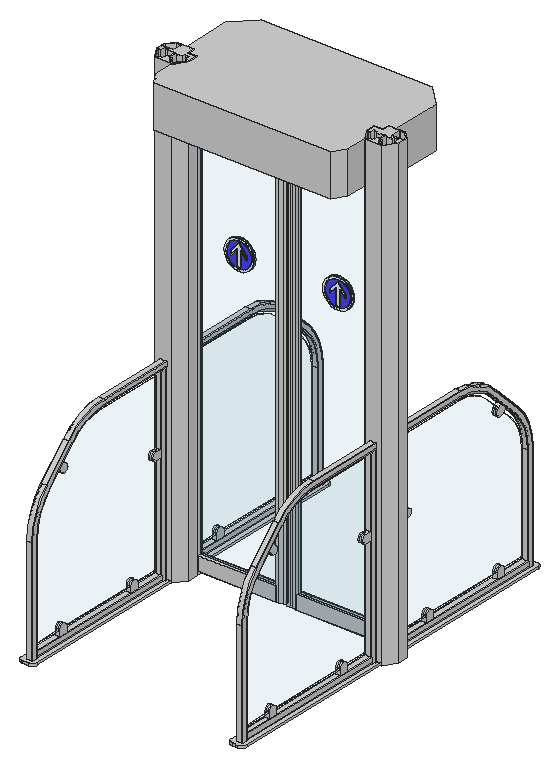
Revit family "ASSA_ABLOY_EL_Single", category Doors, Revit 2020 (continued)
Lines and regions (mm)
  symbolic lines, detail levels fine
    curve 49: line (469.9, -44, 0) -> (492.65, -44, 0)
    curve 50: line (469.9, -65.303, 0) -> (469.9, -44, 0)
    curve 51: line (452.3, -65.303, 0) -> (469.9, -65.303, 0)
    curve 52: line (452.3, -67.057, 0) -> (452.3, -65.303, 0)
    curve 53: line (486.52, -121.863, 0) -> (452.3, -67.057, 0)
    curve 54: line (534.65, -90.06, 0) -> (534.65, -53.5, 0)
    curve 55: line (543.15, -90.06, 0) -> (534.65, -90.06, 0)
    curve 56: line (543.15, -103.76, 0) -> (543.15, -90.06, 0)
    curve 57: line (550.15, -103.76, 0) -> (543.15, -103.76, 0)
    curve 58: line (550.15, -113.76, 0) -> (550.15, -103.76, 0)
    curve 59: line (560.85, -113.76, 0) -> (550.15, -113.76, 0)
    curve 60: line (577.78, -121.863, 0) -> (560.85, -121.863, 0)
    curve 61: line (612, -67.057, 0) -> (577.78, -121.863, 0)
    curve 62: line (612, -65.303, 0) -> (612, -67.057, 0)
    curve 63: line (594.6, -65.303, 0) -> (612, -65.303, 0)
    curve 64: line (594.6, -44, 0) -> (594.6, -65.303, 0)
    curve 65: line (571.65, -44, 0) -> (594.6, -44, 0)
    curve 66: line (571.65, -53.5, 0) -> (571.65, -44, 0)
    curve 67: line (534.65, -53.5, 0) -> (571.65, -53.5, 0)
    curve 68: line (612, -39, 0) -> (552.6, -39, 0)
    curve 69: line (612, -21.326, 0) -> (612, -39, 0)
    curve 70: line (579.934, 10.74, 0) -> (612, -21.326, 0)
    curve 71: line (556, 10.74, 0) -> (579.934, 10.74, 0)
    curve 72: line (556, 7.95, 0) -> (556, 10.74, 0)
    curve 73: line (552.6, 7.95, 0) -> (556, 7.95, 0)
    curve 74: line (552.6, -39, 0) -> (552.6, 7.95, 0)
    curve 75: line (560.85, -121.863, 0) -> (560.85, -113.76, 0)
    curve 76: line (492.65, -44, 0) -> (492.65, -53.5, 0)
  reference lines
    curve 38: line (-536.4, 0, 0) -> (-536.4, 17.45, 0)
    curve 39: line (536.4, 0, 0) -> (536.4, 17.24, 0)
  symbolic lines, detail levels medium+fine
    curve 77: line (-520.358, -978.395, 0) -> (-544.441, -978.395, 0)
    curve 78: line (-547.441, -128.76, 0) -> (-547.441, -975.394, 0)
    curve 79: line (-517.358, -975.396, 0) -> (-517.358, -128.76, 0)
    curve 80: arc (-517.4, -975.396, 0) -> (-518.264, -977.502, 0) -> (-520.358, -978.395, 0) r 2.999
    curve 81: arc (-544.441, -978.395, 0) -> (-546.536, -977.501, 0) -> (-547.4, -975.394, 0) r 3.001
    curve 92: line (517.358, -128.76, 0) -> (517.358, -975.396, 0)
    curve 93: line (547.441, -975.394, 0) -> (547.441, -128.76, 0)
    curve 94: line (544.441, -978.395, 0) -> (520.358, -978.395, 0)
    curve 95: arc (520.358, -978.395, 0) -> (518.264, -977.502, 0) -> (517.4, -975.396, 0) r 2.999
    curve 96: arc (547.4, -975.394, 0) -> (546.536, -977.501, 0) -> (544.441, -978.395, 0) r 3.001
  symbolic lines, visible <- "LargeRailing", detail levels medium+fine
    curve 82: line (-547.441, 1214.801, 0) -> (-547.441, 17.45, 0)
    curve 83: line (-517.358, 17.45, 0) -> (-517.358, 1214.803, 0)
    curve 84: line (-544.441, 1217.802, 0) -> (-520.358, 1217.802, 0)
    curve 85: arc (-520.358, 1217.802, 0) -> (-518.264, 1216.91, 0) -> (-517.4, 1214.803, 0) r 2.999
    curve 86: arc (-547.4, 1214.801, 0) -> (-546.536, 1216.909, 0) -> (-544.441, 1217.802, 0) r 3.001
    curve 97: line (517.358, 1214.803, 0) -> (517.358, 17.45, 0)
    curve 98: line (547.441, 17.45, 0) -> (547.441, 1214.801, 0)
    curve 99: line (520.358, 1217.802, 0) -> (544.441, 1217.802, 0)
    curve 100: arc (517.4, 1214.803, 0) -> (518.264, 1216.91, 0) -> (520.358, 1217.802, 0) r 2.999
    curve 101: arc (544.441, 1217.802, 0) -> (546.536, 1216.909, 0) -> (547.4, 1214.801, 0) r 3.001
  symbolic lines, visible <- "ShortRailing", detail levels medium+fine
    curve 87: line (-544.441, 867.085, 0) -> (-520.358, 867.085, 0)
    curve 88: arc (-547.4, 864.084, 0) -> (-546.536, 866.191, 0) -> (-544.441, 867.085, 0) r 3.001
    curve 89: arc (-520.358, 867.085, 0) -> (-518.264, 866.192, 0) -> (-517.4, 864.086, 0) r 2.999
    curve 90: line (-517.358, 17.45, 0) -> (-517.358, 864.086, 0)
    curve 91: line (-547.441, 864.084, 0) -> (-547.441, 17.45, 0)
    curve 102: line (520.358, 867.085, 0) -> (544.441, 867.085, 0)
    curve 103: arc (544.441, 867.085, 0) -> (546.536, 866.191, 0) -> (547.4, 864.084, 0) r 3.001
    curve 104: arc (517.4, 864.086, 0) -> (518.264, 866.192, 0) -> (520.358, 867.085, 0) r 2.999
    curve 105: line (517.358, 864.086, 0) -> (517.358, 17.45, 0)
    curve 106: line (547.441, 17.45, 0) -> (547.441, 864.084, 0)
Dimensions and locks
  "PassageHeight": plane 5 "PH" to plane 2
  "CanopyHeight": plane 4 "Top" to plane 5 "PH"
  equal spacing: plane 6, plane 3 "Center (Left/Right)", plane 7
  "PassageWidth": plane 6 to plane 7
  locked: plane 7 to plane 8 at 23.1
  locked: plane 9 to plane 6 at 23.1
  plane 10 "Right" to plane 11 = 8.00 mm
  locked: plane 1 "Entry" to plane 14 at 9.35
  locked: plane 14 to plane 15 at 8.1
  locked: plane 5 "PH" to plane 17 at 19.1
  locked: plane 13 to plane 12 "Left" at 8
  locked: plane 12 "Left" to plane 9 at 55.3
  locked: plane 8 to plane 10 "Right" at 55.3
  locked: Extrusion 48 sketch curve to plane 5 "PH" at 51.33
  locked: Extrusion 48 sketch curve to plane 5 "PH" at 38.08
  plane 5 "PH" to Extrusion 48 sketch curve = 64.58 mm
  aligned and locked: level to plane 2
  aligned and locked: Sweep 1 sketch curve to plane 7
  aligned and locked: plane 1 "Entry" to nested 1
  aligned and locked: plane 9 to nested 1
  aligned and locked: plane 8 to nested 2
  aligned and locked: nested 2 to plane 1 "Entry"
  aligned and locked: Masking region 1 sketch curve to Sweep 2  (x9)
  aligned and locked: curve 1 to Sweep 2
  aligned and locked: curve 2 to Sweep 2
  aligned and locked: curve 3 to Sweep 2
  aligned and locked: curve 4 to Sweep 2
  aligned and locked: curve 5 to Sweep 2
  aligned and locked: curve 6 to Sweep 2
  aligned and locked: curve 7 to Sweep 2
  aligned and locked: curve 8 to Sweep 2
  aligned and locked: curve 9 to Sweep 2
  aligned and locked: curve 10 to Sweep 2
  aligned and locked: curve 11 to Sweep 2
  aligned and locked: curve 12 to Sweep 2
  aligned and locked: curve 13 to Sweep 2
  aligned and locked: curve 14 to Sweep 2
  aligned and locked: curve 15 to Sweep 2
  aligned and locked: curve 16 to Sweep 2
  aligned and locked: curve 17 to Sweep 2
  aligned and locked: curve 18 to Sweep 2
  aligned and locked: curve 19 to Sweep 2
  aligned and locked: curve 20 to Sweep 2
  aligned and locked: curve 21 to Sweep 2
  aligned and locked: curve 22 to Sweep 2
  aligned and locked: curve 23 to Sweep 2
  aligned and locked: curve 24 to Sweep 2
  aligned and locked: curve 25 to Sweep 2
  aligned and locked: curve 26 to Sweep 2
  aligned and locked: curve 27 to Sweep 2
  aligned and locked: curve 28 to Sweep 2
  aligned and locked: curve 29 to Sweep 2
  aligned and locked: curve 30 to Sweep 2
  aligned and locked: curve 31 to Sweep 2
  aligned and locked: curve 32 to Sweep 2
  aligned and locked: curve 33 to Sweep 2
  aligned and locked: curve 34 to Sweep 2
  aligned and locked: curve 35 to Sweep 2
  aligned and locked: curve 36 to Sweep 2
  aligned and locked: curve 37 to Sweep 2
  aligned and locked: curve 39 to plane 11
  aligned and locked: Extrusion 6 sketch curve to Sweep 1  (x2)
  aligned and locked: Extrusion 6 sketch curve to Sweep 2  (x2)
  aligned and locked: Masking region 2 sketch curve to Sweep 1  (x9)
  aligned and locked: curve 40 to Sweep 1
  aligned and locked: curve 41 to Sweep 1
  aligned and locked: curve 42 to Sweep 1
  aligned and locked: curve 43 to Sweep 1
  aligned and locked: curve 44 to Sweep 1
  aligned and locked: curve 45 to Sweep 1
  aligned and locked: curve 46 to Sweep 1
  aligned and locked: curve 47 to Sweep 1
  aligned and locked: Sweep 1 to curve 48
  aligned and locked: curve 49 to Sweep 1
  aligned and locked: curve 50 to Sweep 1
  aligned and locked: curve 51 to Sweep 1
  aligned and locked: curve 52 to Sweep 1
  aligned and locked: curve 53 to Sweep 1
  aligned and locked: curve 54 to Sweep 1
  aligned and locked: curve 55 to Sweep 1
  aligned and locked: curve 56 to Sweep 1
  aligned and locked: curve 57 to Sweep 1
  aligned and locked: curve 58 to Sweep 1
  aligned and locked: curve 59 to Sweep 1
  aligned and locked: curve 60 to Sweep 1
  aligned and locked: curve 61 to Sweep 1
  aligned and locked: curve 62 to Sweep 1
  aligned and locked: curve 63 to Sweep 1
  aligned and locked: curve 64 to Sweep 1
  aligned and locked: curve 65 to Sweep 1
  aligned and locked: curve 66 to Sweep 1
  aligned and locked: curve 67 to Sweep 1
  aligned and locked: curve 68 to Sweep 1
  aligned and locked: curve 69 to Sweep 1
  aligned and locked: curve 70 to Sweep 1
  aligned and locked: curve 71 to Sweep 1
  aligned and locked: curve 72 to Sweep 1
  aligned and locked: curve 73 to Sweep 1
  aligned and locked: curve 74 to Sweep 1
  aligned and locked: curve 75 to Sweep 1
  aligned and locked: curve 76 to Sweep 1
  aligned and locked: Extrusion 10 sketch curve to plane 15
  aligned and locked: Extrusion 13 to plane 11
  aligned and locked: plane 15 to Sweep 8 sketch curve
  aligned and locked: Extrusion 15 to plane 11
  aligned and locked: Extrusion 16 to plane 11
  aligned and locked: plane 3 "Center (Left/Right)" to nested 3
  aligned and locked: plane 1 "Entry" to nested 3
  aligned and locked: Masking region 3 sketch curve to Extrusion 23  (x3)
  aligned and locked: Sweep 2 to Masking region 3 sketch curve
  aligned and locked: Masking region 4 sketch curve to Extrusion 42  (x3)
  aligned and locked: Masking region 4 sketch curve to Sweep 2
  aligned and locked: Masking region 5 sketch curve to Extrusion 24  (x3)
  aligned and locked: Masking region 5 sketch curve to Sweep 2
  aligned and locked: curve 77 to Extrusion 23
  aligned and locked: curve 78 to Extrusion 32
  aligned and locked: curve 79 to Extrusion 32
  aligned and locked: curve 80 to Extrusion 23
  aligned and locked: curve 81 to Extrusion 23
  aligned and locked: curve 82 to Extrusion 25
  aligned and locked: curve 83 to Extrusion 25
  aligned and locked: curve 84 to Extrusion 24
  aligned and locked: curve 85 to Extrusion 24
  aligned and locked: curve 86 to Extrusion 24
  aligned and locked: curve 87 to Extrusion 42
  aligned and locked: curve 88 to Extrusion 42
  aligned and locked: curve 89 to Extrusion 42
  aligned and locked: curve 90 to Extrusion 45
  aligned and locked: curve 91 to Extrusion 45
  aligned and locked: Masking region 6 sketch curve to Extrusion 9  (x3)
  aligned and locked: Sweep 1 to Masking region 6 sketch curve
  aligned and locked: curve 92 to Extrusion 18
  aligned and locked: curve 93 to Extrusion 18
  aligned and locked: curve 94 to Extrusion 9
  aligned and locked: curve 95 to Extrusion 9
  aligned and locked: curve 96 to Extrusion 9
  aligned and locked: Masking region 7 sketch curve to Extrusion 36  (x3)
  aligned and locked: Sweep 1 to Masking region 7 sketch curve
  aligned and locked: Masking region 8 sketch curve to Extrusion 10  (x3)
  aligned and locked: Sweep 1 to Masking region 8 sketch curve
  aligned and locked: curve 97 to Extrusion 11
  aligned and locked: curve 98 to Extrusion 11
  aligned and locked: curve 99 to Extrusion 10
  aligned and locked: curve 100 to Extrusion 10
  aligned and locked: curve 101 to Extrusion 10
  aligned and locked: curve 102 to Extrusion 36
  aligned and locked: curve 103 to Extrusion 36
  aligned and locked: curve 104 to Extrusion 36
  aligned and locked: curve 105 to Extrusion 39
  aligned and locked: curve 106 to Extrusion 39
  aligned and locked: Extrusion 3 sketch curve to cut or joined group of Extrusion 3, Extrusion 4, Extrusion 5, Extrusion 6  (x19)
  aligned and locked: cut or joined group of Extrusion 3, Extrusion 4, Extrusion 5, Extrusion 6 to Extrusion 3 sketch curve
  aligned and locked: plane 5 "PH" to Extrusion 47 sketch curve
Automatic sketch dimensions
  plane 1 "Entry" to curve 38 = 0.00 mm
  curve 38 to plane 13 = 0.00 mm  (x2)
  plane 15 to curve 38 = 0.00 mm
  plane 1 "Entry" to curve 39 = 0.00 mm
  curve 39 to curve 39 = 14.122 mm
  Sweep 1 sketch curve to level = 0.00 mm
  Sweep 1 sketch curve to plane 4 "Top" = 0.00 mm
  Sweep 1 sketch curve to profile plane = 0.00 mm
  profile plane to Sweep 1 sketch curve = 2.30 mm
  profile plane to Sweep 1 sketch curve = 19.90 mm
  profile plane to Sweep 1 sketch curve = 36.52 mm
  Sweep 1 sketch curve to Sweep 1 sketch curve = 0.946 mm
  Sweep 1 sketch curve to Sweep 1 sketch curve = 22.75 mm
  Sweep 1 sketch curve to Sweep 1 sketch curve = 0.646 mm
  Sweep 1 sketch curve to Sweep 1 sketch curve = 16.93 mm
  Sweep 1 sketch curve to Sweep 1 sketch curve = 10.70 mm  (x2)
  Sweep 1 sketch curve to Sweep 1 sketch curve = 7.00 mm  (x2)
  Sweep 1 sketch curve to Sweep 1 sketch curve = 37.00 mm
  Sweep 1 sketch curve to Sweep 1 sketch curve = 5.00 mm  (x2)
  Sweep 1 sketch curve to Sweep 1 sketch curve = 8.50 mm
  Sweep 1 sketch curve to Sweep 1 sketch curve = 17.95 mm
  Sweep 1 sketch curve to Sweep 1 sketch curve = 3.40 mm
  Sweep 1 sketch curve to Sweep 1 sketch curve = 19.05 mm
  Sweep 1 sketch curve to Sweep 1 sketch curve = 20.752 mm
  Sweep 1 sketch curve to Sweep 1 sketch curve = 16.185 mm
  Sweep 1 sketch curve to Sweep 1 sketch curve = 0.746 mm
  Sweep 1 sketch curve to Sweep 1 sketch curve = 3.182 mm
  Sweep 1 sketch curve to Sweep 1 sketch curve = 22.95 mm
  plane 1 "Entry" to Sweep 1 sketch curve = 21.326 mm
  Sweep 1 sketch curve to Sweep 1 sketch curve = 17.40 mm  (x2)
  plane 1 "Entry" to Sweep 1 sketch curve = 20.298 mm
  Sweep 1 sketch curve to Sweep 1 sketch curve = 2.50 mm
  plane 1 "Entry" to Sweep 1 sketch curve = 20.296 mm
  Sweep 1 sketch curve to plane 1 "Entry" = 7.95 mm
  Sweep 1 sketch curve to Sweep 1 sketch curve = 2.79 mm
  Sweep 1 sketch curve to Sweep 1 sketch curve = 6.71 mm
  plane 1 "Entry" to Sweep 1 sketch curve = 39.00 mm
  Sweep 1 sketch curve to Sweep 1 sketch curve = 23.704 mm
  Sweep 1 sketch curve to Sweep 1 sketch curve = 14.50 mm
  Sweep 1 sketch curve to Sweep 1 sketch curve = 0.00 mm  (x2)
  Sweep 1 sketch curve to Sweep 1 sketch curve = 21.303 mm  (x2)
  Sweep 1 sketch curve to Sweep 1 sketch curve = 1.754 mm  (x2)
  Sweep 1 sketch curve to Sweep 1 sketch curve = 1.746 mm  (x2)
  Sweep 1 sketch curve to Sweep 1 sketch curve = 36.56 mm
  Sweep 1 sketch curve to Sweep 1 sketch curve = 13.70 mm  (x2)
  Sweep 1 sketch curve to Sweep 1 sketch curve = 10.00 mm  (x2)
  Sweep 1 sketch curve to Sweep 1 sketch curve = 8.103 mm  (x2)
  Sweep 1 sketch curve to Sweep 1 sketch curve = 6.897 mm
  Sweep 2 sketch curve to plane 4 "Top" = 0.00 mm
  plane 6 to Sweep 2 sketch curve = 0.00 mm
  Sweep 2 sketch curve to level = 0.00 mm
  Sweep 2 sketch curve to profile plane = 0.00 mm
  Sweep 2 sketch curve to profile plane = 2.30 mm
  Sweep 2 sketch curve to Sweep 2 sketch curve = 17.60 mm
  Sweep 2 sketch curve to profile plane = 36.52 mm
  Sweep 2 sketch curve to Sweep 2 sketch curve = 0.946 mm
  Sweep 2 sketch curve to Sweep 2 sketch curve = 22.75 mm
  Sweep 2 sketch curve to Sweep 2 sketch curve = 0.646 mm
  Sweep 2 sketch curve to Sweep 2 sketch curve = 16.93 mm
  Sweep 2 sketch curve to Sweep 2 sketch curve = 10.70 mm  (x2)
  Sweep 2 sketch curve to Sweep 2 sketch curve = 7.00 mm  (x2)
  Sweep 2 sketch curve to Sweep 2 sketch curve = 37.00 mm
  Sweep 2 sketch curve to Sweep 2 sketch curve = 5.00 mm  (x2)
  Sweep 2 sketch curve to Sweep 2 sketch curve = 8.50 mm
  Sweep 2 sketch curve to plane 1 "Entry" = 7.95 mm
  Sweep 2 sketch curve to Sweep 2 sketch curve = 59.304 mm
  Sweep 2 sketch curve to Sweep 2 sketch curve = 3.40 mm
  Sweep 2 sketch curve to Sweep 2 sketch curve = 19.05 mm
  Sweep 2 sketch curve to Sweep 2 sketch curve = 20.752 mm
  Sweep 2 sketch curve to Sweep 2 sketch curve = 16.185 mm
  Sweep 2 sketch curve to Sweep 2 sketch curve = 0.746 mm
  Sweep 2 sketch curve to Sweep 2 sketch curve = 3.182 mm
  Sweep 2 sketch curve to Sweep 2 sketch curve = 22.95 mm
  Sweep 2 sketch curve to Sweep 2 sketch curve = 17.40 mm  (x2)
  plane 1 "Entry" to Sweep 2 sketch curve = 68.803 mm
  Sweep 2 sketch curve to Sweep 2 sketch curve = 2.50 mm
  Sweep 2 sketch curve to Sweep 2 sketch curve = 2.79 mm
  Sweep 2 sketch curve to Sweep 2 sketch curve = 6.71 mm
  plane 1 "Entry" to Sweep 2 sketch curve = 20.296 mm
  plane 1 "Entry" to Sweep 2 sketch curve = 20.298 mm
  Sweep 2 sketch curve to Sweep 2 sketch curve = 1.028 mm
  plane 1 "Entry" to Sweep 2 sketch curve = 39.00 mm
  Sweep 2 sketch curve to Sweep 2 sketch curve = 23.704 mm
  Sweep 2 sketch curve to Sweep 2 sketch curve = 14.50 mm
  Sweep 2 sketch curve to Sweep 2 sketch curve = 0.00 mm  (x2)
  Sweep 2 sketch curve to Sweep 2 sketch curve = 21.303 mm
  Sweep 2 sketch curve to Sweep 2 sketch curve = 3.50 mm
  Sweep 2 sketch curve to Sweep 2 sketch curve = 1.754 mm  (x2)
  Sweep 2 sketch curve to Sweep 2 sketch curve = 1.746 mm
  Sweep 2 sketch curve to Sweep 2 sketch curve = 36.56 mm
  Sweep 2 sketch curve to Sweep 2 sketch curve = 13.70 mm  (x2)
  Sweep 2 sketch curve to Sweep 2 sketch curve = 10.00 mm  (x2)
  Sweep 2 sketch curve to Sweep 2 sketch curve = 8.103 mm  (x2)
  Sweep 2 sketch curve to Sweep 2 sketch curve = 6.897 mm
  Extrusion 6 sketch curve to plane 7 = 0.00 mm
  Extrusion 6 sketch curve to plane 6 = 0.00 mm
  plane 15 to Extrusion 6 sketch curve = 0.00 mm  (x2)
  Extrusion 6 sketch curve to plane 8 = 15.00 mm
  plane 7 to Extrusion 6 sketch curve = 1.542 mm
  Extrusion 6 sketch curve to plane 6 = 2.149 mm
  Extrusion 6 sketch curve to plane 9 = 14.65 mm
  Extrusion 6 sketch curve to Extrusion 6 sketch curve = 48.507 mm  (x2)
  Extrusion 6 sketch curve to Extrusion 6 sketch curve = 60.413 mm
  Extrusion 6 sketch curve to Extrusion 6 sketch curve = 60.973 mm
  Extrusion 6 sketch curve to Extrusion 6 sketch curve = 101.834 mm
  Extrusion 6 sketch curve to Extrusion 6 sketch curve = 101.982 mm
  Extrusion 6 sketch curve to Extrusion 6 sketch curve = 63.852 mm
  Sweep 7 sketch curve to level = 0.00 mm
  plane 1 "Entry" to Sweep 7 sketch curve = 128.76 mm
  Sweep 7 sketch curve to Sweep 7 sketch curve = 393.213 mm
  Sweep 7 sketch curve to Sweep 7 sketch curve = 141.421 mm  (x4)
  Sweep 7 sketch curve to Sweep 7 sketch curve = 222.739 mm
  Sweep 7 sketch curve to Sweep 7 sketch curve = 92.261 mm
  plane 16 to Sweep 7 sketch curve = 472.679 mm
  Sweep 7 sketch curve to profile plane = 0.00 mm
  profile plane to Sweep 7 sketch curve = 2.999 mm
  profile plane to Sweep 7 sketch curve = 3.001 mm
  plane 10 "Right" to Sweep 7 sketch curve = 11.00 mm
  Sweep 7 sketch curve to Sweep 7 sketch curve = 23.999 mm
  Sweep 7 sketch curve to Sweep 7 sketch curve = 24.00 mm
  Sweep 7 sketch curve to Sweep 7 sketch curve = 3.00 mm
  Sweep 7 sketch curve to Sweep 7 sketch curve = 2.999 mm  (x2)
  Sweep 7 sketch curve to plane 10 "Right" = 15.998 mm
  Sweep 7 sketch curve to plane 10 "Right" = 16.001 mm
  Sweep 7 sketch curve to Sweep 7 sketch curve = 0.042 mm
  Sweep 7 sketch curve to Sweep 7 sketch curve = 0.00 mm
  Sweep 8 sketch curve to level = 0.00 mm
  plane 15 to Sweep 8 sketch curve = 743.929 mm
  Sweep 8 sketch curve to Sweep 8 sketch curve = 141.423 mm  (x4)
  Sweep 8 sketch curve to Sweep 8 sketch curve = 222.739 mm
  Sweep 8 sketch curve to plane 16 = 695.416 mm
  Sweep 8 sketch curve to Sweep 8 sketch curve = 315.00 mm
  Sweep 8 sketch curve to profile plane = 0.00 mm
  Sweep 8 sketch curve to profile plane = 2.999 mm
  Sweep 8 sketch curve to profile plane = 3.001 mm
  plane 10 "Right" to Sweep 8 sketch curve = 11.00 mm
  Sweep 8 sketch curve to Sweep 8 sketch curve = 23.999 mm
  Sweep 8 sketch curve to Sweep 8 sketch curve = 24.00 mm
  Sweep 8 sketch curve to Sweep 8 sketch curve = 3.00 mm
  Sweep 8 sketch curve to Sweep 8 sketch curve = 2.999 mm  (x2)
  Sweep 8 sketch curve to plane 10 "Right" = 15.998 mm
  Sweep 8 sketch curve to plane 10 "Right" = 16.001 mm
  Sweep 8 sketch curve to Sweep 8 sketch curve = 0.042 mm
  Sweep 8 sketch curve to Sweep 8 sketch curve = 0.00 mm
  Extrusion 9 sketch curve to plane 8 = 19.299 mm
  plane 10 "Right" to Extrusion 9 sketch curve = 11.001 mm
  plane 10 "Right" to Extrusion 9 sketch curve = 11.00 mm
  plane 10 "Right" to Extrusion 9 sketch curve = 10.959 mm
  Extrusion 9 sketch curve to Extrusion 9 sketch curve = 2.959 mm
  Extrusion 9 sketch curve to Extrusion 9 sketch curve = 0.041 mm
  Extrusion 9 sketch curve to Extrusion 9 sketch curve = 3.00 mm  (x5)
  Extrusion 9 sketch curve to Extrusion 9 sketch curve = 0.00 mm  (x4)
  Extrusion 9 sketch curve to Extrusion 9 sketch curve = 2.993 mm
  Extrusion 9 sketch curve to Extrusion 9 sketch curve = 0.007 mm  (x2)
  Extrusion 9 sketch curve to plane 11 = 7.998 mm
  Extrusion 9 sketch curve to plane 11 = 8.001 mm
  Extrusion 9 sketch curve to plane 11 = 8.041 mm  (x2)
  Extrusion 9 sketch curve to Extrusion 9 sketch curve = 0.042 mm
  Extrusion 9 sketch curve to Extrusion 9 sketch curve = 0.05 mm
  Extrusion 9 sketch curve to plane 11 = 10.999 mm
  Extrusion 9 sketch curve to Extrusion 9 sketch curve = 2.999 mm
  Extrusion 9 sketch curve to Extrusion 9 sketch curve = 25.00 mm
  plane 1 "Entry" to Extrusion 9 sketch curve = 1003.395 mm
  Extrusion 9 sketch curve to Extrusion 9 sketch curve = 23.999 mm
  Extrusion 9 sketch curve to Extrusion 9 sketch curve = 24.00 mm  (x3)
  plane 1 "Entry" to Extrusion 9 sketch curve = 158.76 mm
  plane 15 to Extrusion 10 sketch curve = 0.00 mm  (x3)
  plane 8 to Extrusion 10 sketch curve = 19.299 mm
  Extrusion 10 sketch curve to plane 10 "Right" = 11.001 mm
  Extrusion 10 sketch curve to plane 10 "Right" = 11.00 mm
  Extrusion 10 sketch curve to plane 10 "Right" = 10.959 mm
  Extrusion 10 sketch curve to Extrusion 10 sketch curve = 2.959 mm  (x2)
  Extrusion 10 sketch curve to Extrusion 10 sketch curve = 0.041 mm
  Extrusion 10 sketch curve to Extrusion 10 sketch curve = 3.00 mm  (x3)
  Extrusion 10 sketch curve to Extrusion 10 sketch curve = 0.00 mm  (x3)
  Extrusion 10 sketch curve to Extrusion 10 sketch curve = 2.993 mm
  Extrusion 10 sketch curve to Extrusion 10 sketch curve = 0.007 mm  (x2)
  plane 11 to Extrusion 10 sketch curve = 7.998 mm
  plane 11 to Extrusion 10 sketch curve = 8.001 mm
  plane 15 to Extrusion 10 sketch curve = 3.00 mm
  plane 11 to Extrusion 10 sketch curve = 8.041 mm
  Extrusion 10 sketch curve to Extrusion 10 sketch curve = 0.042 mm
  Extrusion 10 sketch curve to Extrusion 10 sketch curve = 0.05 mm
  Extrusion 10 sketch curve to Extrusion 10 sketch curve = 0.001 mm
  Extrusion 10 sketch curve to Extrusion 10 sketch curve = 25.00 mm
  Extrusion 10 sketch curve to Extrusion 10 sketch curve = 24.00 mm  (x2)
  Extrusion 10 sketch curve to Extrusion 10 sketch curve = 1140.352 mm
  Extrusion 10 sketch curve to Extrusion 10 sketch curve = 0.002 mm
  Extrusion 10 sketch curve to Extrusion 10 sketch curve = 3.001 mm
  Extrusion 11 sketch curve to plane 11 = 8.096 mm
  plane 16 to Extrusion 11 sketch curve = 399.099 mm
  Extrusion 11 sketch curve to Extrusion 11 sketch curve = 2.948 mm  (x2)
  Extrusion 11 sketch curve to Extrusion 11 sketch curve = 0.052 mm  (x2)
  Extrusion 11 sketch curve to Extrusion 11 sketch curve = 24.05 mm  (x2)
  plane 10 "Right" to Extrusion 11 sketch curve = 11.042 mm
  Extrusion 11 sketch curve to Extrusion 11 sketch curve = 3.002 mm
  Extrusion 11 sketch curve to Extrusion 11 sketch curve = 2.944 mm
  Extrusion 11 sketch curve to plane 11 = 8.039 mm
  plane 10 "Right" to Extrusion 12 sketch curve = 10.959 mm
  Extrusion 12 sketch curve to Extrusion 12 sketch curve = 2.993 mm
  Extrusion 12 sketch curve to Extrusion 12 sketch curve = 3.00 mm  (x3)
  Extrusion 12 sketch curve to plane 11 = 8.041 mm  (x2)
  Extrusion 12 sketch curve to Extrusion 12 sketch curve = 0.007 mm
  plane 1 "Entry" to Extrusion 12 sketch curve = 158.76 mm
  Extrusion 12 sketch curve to Extrusion 12 sketch curve = 24.00 mm
  Extrusion 13 sketch curve to plane 15 = 1150.352 mm
  plane 16 to Extrusion 13 sketch curve = 654.824 mm
  Extrusion 13 sketch curve to Extrusion 13 sketch curve = 73.223 mm
  Extrusion 13 sketch curve to Extrusion 13 sketch curve = 61.383 mm
  Extrusion 13 sketch curve to Extrusion 13 sketch curve = 6.647 mm  (x4)
  Extrusion 13 sketch curve to Extrusion 13 sketch curve = 14.142 mm  (x2)
  Extrusion 13 sketch curve to Extrusion 13 sketch curve = 7.495 mm
  Extrusion 13 sketch curve to Extrusion 13 sketch curve = 210.00 mm
  Extrusion 13 sketch curve to Extrusion 13 sketch curve = 60.886 mm  (x2)
  Extrusion 13 sketch curve to Extrusion 13 sketch curve = 20.00 mm  (x3)
  Extrusion 13 sketch curve to Extrusion 13 sketch curve = 0.00 mm
  Extrusion 13 sketch curve to Extrusion 13 sketch curve = 150.553 mm  (x2)
  Extrusion 13 sketch curve to plane 15 = 270.355 mm  (x2)
  Extrusion 13 sketch curve to plane 15 = 50.355 mm
  plane 16 to Extrusion 13 sketch curve = 429.10 mm
  Extrusion 13 sketch curve to Extrusion 13 sketch curve = 48.947 mm
  Extrusion 13 sketch curve to Extrusion 13 sketch curve = 9.50 mm  (x5)
  Extrusion 13 sketch curve to Extrusion 13 sketch curve = 54.736 mm
  plane 15 to Extrusion 14 sketch curve = 0.00 mm
  Extrusion 14 sketch curve to plane 10 "Right" = 10.959 mm
  Extrusion 14 sketch curve to Extrusion 14 sketch curve = 2.993 mm
  Extrusion 14 sketch curve to Extrusion 14 sketch curve = 3.00 mm  (x2)
  plane 11 to Extrusion 14 sketch curve = 8.041 mm  (x2)
  plane 15 to Extrusion 14 sketch curve = 3.00 mm
  Extrusion 14 sketch curve to Extrusion 14 sketch curve = 0.007 mm
  Extrusion 14 sketch curve to Extrusion 14 sketch curve = 24.00 mm
  plane 16 to Extrusion 15 sketch curve = 349.10 mm
  Extrusion 15 sketch curve to plane 15 = 1150.355 mm
  Extrusion 15 sketch curve to Extrusion 15 sketch curve = 210.003 mm  (x2)
  Extrusion 15 sketch curve to plane 16 = 10.90 mm  (x3)
  Extrusion 15 sketch curve to plane 16 = 0.90 mm  (x2)
  Extrusion 15 sketch curve to Extrusion 15 sketch curve = 20.00 mm  (x4)
  Extrusion 15 sketch curve to plane 15 = 270.355 mm  (x2)
  Extrusion 15 sketch curve to plane 15 = 50.355 mm
  plane 16 to Extrusion 15 sketch curve = 339.10 mm
  Extrusion 15 sketch curve to Extrusion 15 sketch curve = 10.00 mm  (x3)
  Extrusion 16 sketch curve to plane 16 = 10.90 mm  (x3)
  plane 1 "Entry" to Extrusion 16 sketch curve = 178.395 mm  (x2)
  Extrusion 16 sketch curve to Extrusion 16 sketch curve = 10.365 mm
  Extrusion 16 sketch curve to plane 16 = 0.901 mm  (x2)
  Extrusion 16 sketch curve to Extrusion 16 sketch curve = 130.00 mm  (x2)
  Extrusion 16 sketch curve to Extrusion 16 sketch curve = 20.00 mm  (x3)
  Extrusion 16 sketch curve to Extrusion 16 sketch curve = 349.447 mm
  Extrusion 16 sketch curve to Extrusion 16 sketch curve = 150.553 mm  (x2)
  Extrusion 16 sketch curve to Extrusion 16 sketch curve = 176.777 mm
  Extrusion 16 sketch curve to Extrusion 16 sketch curve = 410.00 mm
  Extrusion 16 sketch curve to Extrusion 16 sketch curve = 54.236 mm  (x2)
  Extrusion 16 sketch curve to Extrusion 16 sketch curve = 6.898 mm  (x3)
  Extrusion 16 sketch curve to Extrusion 16 sketch curve = 14.142 mm  (x3)
  Extrusion 16 sketch curve to Extrusion 16 sketch curve = 61.135 mm
  plane 16 to Extrusion 16 sketch curve = 478.547 mm
  Extrusion 16 sketch curve to Extrusion 16 sketch curve = 20.553 mm
  Extrusion 17 sketch curve to plane 11 = 8.096 mm
  Extrusion 17 sketch curve to plane 16 = 30.901 mm
  Extrusion 17 sketch curve to Extrusion 17 sketch curve = 2.948 mm  (x2)
  Extrusion 17 sketch curve to Extrusion 17 sketch curve = 3.00 mm  (x3)
  level to Extrusion 17 sketch curve = 13.002 mm  (x2)
  Extrusion 17 sketch curve to Extrusion 17 sketch curve = 3.002 mm
  Extrusion 17 sketch curve to Extrusion 17 sketch curve = 0.055 mm
  plane 10 "Right" to Extrusion 17 sketch curve = 8.041 mm
  Extrusion 18 sketch curve to plane 11 = 8.096 mm
  Extrusion 18 sketch curve to plane 16 = 30.901 mm
  Extrusion 18 sketch curve to Extrusion 18 sketch curve = 2.948 mm  (x2)
  Extrusion 18 sketch curve to Extrusion 18 sketch curve = 3.00 mm  (x3)
  level to Extrusion 18 sketch curve = 13.002 mm  (x2)
  Extrusion 18 sketch curve to Extrusion 18 sketch curve = 3.002 mm
  Extrusion 18 sketch curve to Extrusion 18 sketch curve = 2.944 mm
  plane 10 "Right" to Extrusion 18 sketch curve = 8.041 mm
  Extrusion 19 sketch curve to plane 15 = 1030.312 mm
  Extrusion 19 sketch curve to Extrusion 19 sketch curve = 21.213 mm
  Extrusion 19 sketch curve to Extrusion 19 sketch curve = 28.284 mm
  Extrusion 19 sketch curve to Extrusion 19 sketch curve = 14.142 mm  (x3)
  Extrusion 19 sketch curve to Extrusion 19 sketch curve = 68.747 mm
  Extrusion 19 sketch curve to Extrusion 19 sketch curve = 0.00 mm  (x3)
  Extrusion 19 sketch curve to plane 16 = 0.90 mm  (x2)
  Extrusion 19 sketch curve to Extrusion 19 sketch curve = 20.00 mm  (x7)
  Extrusion 19 sketch curve to plane 15 = 270.355 mm  (x3)
  Extrusion 19 sketch curve to Extrusion 19 sketch curve = 30.00 mm  (x9)
  plane 16 to Extrusion 19 sketch curve = 339.10 mm  (x2)
  Extrusion 19 sketch curve to Extrusion 19 sketch curve = 280.46 mm
  Extrusion 19 sketch curve to Extrusion 19 sketch curve = 440.00 mm
  plane 1 "Entry" to Extrusion 20 sketch curve = 158.76 mm
  Extrusion 20 sketch curve to Extrusion 20 sketch curve = 30.00 mm  (x3)
  Extrusion 20 sketch curve to plane 16 = 0.901 mm  (x2)
  plane 1 "Entry" to Extrusion 20 sketch curve = 308.395 mm
  Extrusion 20 sketch curve to Extrusion 20 sketch curve = 20.00 mm  (x3)
  Extrusion 20 sketch curve to Extrusion 20 sketch curve = 410.00 mm
  Extrusion 20 sketch curve to Extrusion 20 sketch curve = 570.094 mm
  Extrusion 20 sketch curve to Extrusion 20 sketch curve = 14.142 mm  (x3)
  Extrusion 20 sketch curve to Extrusion 20 sketch curve = 21.213 mm  (x2)
  plane 16 to Extrusion 20 sketch curve = 499.10 mm
  Extrusion 20 sketch curve to Extrusion 20 sketch curve = 170.459 mm
  Sweep 21 sketch curve to profile plane = 0.00 mm
  Sweep 21 sketch curve to profile plane = 2.999 mm
  Sweep 21 sketch curve to profile plane = 3.001 mm
  profile plane to Sweep 21 sketch curve = 11.00 mm
  Sweep 21 sketch curve to Sweep 21 sketch curve = 23.999 mm
  Sweep 21 sketch curve to Sweep 21 sketch curve = 24.00 mm
  Sweep 21 sketch curve to Sweep 21 sketch curve = 3.00 mm
  Sweep 21 sketch curve to Sweep 21 sketch curve = 2.999 mm  (x2)
  Sweep 21 sketch curve to profile plane = 15.998 mm
  Sweep 21 sketch curve to profile plane = 16.001 mm
  Sweep 21 sketch curve to Sweep 21 sketch curve = 0.042 mm
  Sweep 21 sketch curve to Sweep 21 sketch curve = 0.00 mm
  Sweep 22 sketch curve to profile plane = 0.00 mm
  profile plane to Sweep 22 sketch curve = 2.999 mm
  profile plane to Sweep 22 sketch curve = 3.001 mm
  profile plane to Sweep 22 sketch curve = 11.00 mm
  Sweep 22 sketch curve to Sweep 22 sketch curve = 23.999 mm
  Sweep 22 sketch curve to Sweep 22 sketch curve = 24.00 mm
  Sweep 22 sketch curve to Sweep 22 sketch curve = 3.00 mm
  Sweep 22 sketch curve to Sweep 22 sketch curve = 2.999 mm  (x2)
  Sweep 22 sketch curve to profile plane = 15.998 mm
  Sweep 22 sketch curve to profile plane = 16.001 mm
  Sweep 22 sketch curve to Sweep 22 sketch curve = 0.042 mm
  Sweep 22 sketch curve to Sweep 22 sketch curve = 0.00 mm
  plane 9 to Extrusion 23 sketch curve = 19.299 mm
  Extrusion 23 sketch curve to plane 12 "Left" = 11.001 mm
  Extrusion 23 sketch curve to plane 12 "Left" = 11.00 mm
  Extrusion 23 sketch curve to plane 12 "Left" = 10.959 mm
  Extrusion 23 sketch curve to Extrusion 23 sketch curve = 2.959 mm
  Extrusion 23 sketch curve to Extrusion 23 sketch curve = 0.041 mm
  Extrusion 23 sketch curve to Extrusion 23 sketch curve = 3.00 mm  (x5)
  Extrusion 23 sketch curve to Extrusion 23 sketch curve = 0.00 mm  (x4)
  Extrusion 23 sketch curve to Extrusion 23 sketch curve = 2.993 mm
  Extrusion 23 sketch curve to Extrusion 23 sketch curve = 0.007 mm  (x2)
  plane 13 to Extrusion 23 sketch curve = 7.998 mm
  plane 13 to Extrusion 23 sketch curve = 8.001 mm
  plane 13 to Extrusion 23 sketch curve = 8.041 mm  (x2)
  Extrusion 23 sketch curve to Extrusion 23 sketch curve = 0.042 mm
  Extrusion 23 sketch curve to Extrusion 23 sketch curve = 0.05 mm
  plane 13 to Extrusion 23 sketch curve = 10.999 mm
  Extrusion 23 sketch curve to Extrusion 23 sketch curve = 2.999 mm
  Extrusion 23 sketch curve to Extrusion 23 sketch curve = 25.00 mm
  Extrusion 23 sketch curve to plane 1 "Entry" = 1003.395 mm
  Extrusion 23 sketch curve to Extrusion 23 sketch curve = 23.999 mm
  Extrusion 23 sketch curve to Extrusion 23 sketch curve = 24.00 mm  (x3)
  Extrusion 23 sketch curve to plane 1 "Entry" = 158.76 mm
  plane 15 to Extrusion 24 sketch curve = 0.00 mm  (x4)
  Extrusion 24 sketch curve to plane 9 = 19.299 mm
  plane 12 "Left" to Extrusion 24 sketch curve = 11.001 mm
  plane 12 "Left" to Extrusion 24 sketch curve = 11.00 mm
  plane 12 "Left" to Extrusion 24 sketch curve = 10.959 mm
  Extrusion 24 sketch curve to Extrusion 24 sketch curve = 2.959 mm  (x2)
  Extrusion 24 sketch curve to Extrusion 24 sketch curve = 0.041 mm
  Extrusion 24 sketch curve to Extrusion 24 sketch curve = 3.00 mm  (x3)
  Extrusion 24 sketch curve to Extrusion 24 sketch curve = 0.00 mm  (x3)
  Extrusion 24 sketch curve to Extrusion 24 sketch curve = 2.993 mm
  Extrusion 24 sketch curve to Extrusion 24 sketch curve = 0.007 mm  (x2)
  Extrusion 24 sketch curve to plane 13 = 7.998 mm
  Extrusion 24 sketch curve to plane 13 = 8.001 mm
  Extrusion 24 sketch curve to plane 15 = 3.00 mm
  Extrusion 24 sketch curve to plane 13 = 8.041 mm
  Extrusion 24 sketch curve to Extrusion 24 sketch curve = 0.042 mm
  Extrusion 24 sketch curve to Extrusion 24 sketch curve = 0.05 mm
  Extrusion 24 sketch curve to Extrusion 24 sketch curve = 0.001 mm
  Extrusion 24 sketch curve to Extrusion 24 sketch curve = 25.00 mm
  Extrusion 24 sketch curve to Extrusion 24 sketch curve = 24.00 mm  (x2)
  Extrusion 24 sketch curve to Extrusion 24 sketch curve = 1140.352 mm
  Extrusion 24 sketch curve to Extrusion 24 sketch curve = 0.002 mm
  Extrusion 24 sketch curve to Extrusion 24 sketch curve = 3.001 mm
  Extrusion 25 sketch curve to plane 13 = 8.096 mm
  plane 16 to Extrusion 25 sketch curve = 399.099 mm
  Extrusion 25 sketch curve to Extrusion 25 sketch curve = 2.948 mm  (x2)
  Extrusion 25 sketch curve to Extrusion 25 sketch curve = 3.00 mm  (x3)
  Extrusion 25 sketch curve to Extrusion 25 sketch curve = 24.05 mm  (x2)
  plane 12 "Left" to Extrusion 25 sketch curve = 11.042 mm
  Extrusion 25 sketch curve to Extrusion 25 sketch curve = 3.002 mm
  Extrusion 25 sketch curve to Extrusion 25 sketch curve = 2.944 mm
  Extrusion 26 sketch curve to plane 12 "Left" = 10.959 mm
  Extrusion 26 sketch curve to Extrusion 26 sketch curve = 2.993 mm
  Extrusion 26 sketch curve to Extrusion 26 sketch curve = 3.00 mm  (x2)
  Extrusion 26 sketch curve to Extrusion 26 sketch curve = 0.007 mm  (x2)
  plane 13 to Extrusion 26 sketch curve = 8.041 mm  (x2)
  Extrusion 26 sketch curve to plane 1 "Entry" = 158.76 mm
  Extrusion 26 sketch curve to Extrusion 26 sketch curve = 24.00 mm
  plane 15 to Extrusion 28 sketch curve = 0.00 mm
  plane 12 "Left" to Extrusion 28 sketch curve = 10.959 mm
  Extrusion 28 sketch curve to Extrusion 28 sketch curve = 2.993 mm
  Extrusion 28 sketch curve to Extrusion 28 sketch curve = 3.00 mm
  Extrusion 28 sketch curve to Extrusion 28 sketch curve = 0.007 mm  (x2)
  Extrusion 28 sketch curve to plane 13 = 8.041 mm  (x2)
  Extrusion 28 sketch curve to plane 15 = 3.00 mm
  Extrusion 28 sketch curve to Extrusion 28 sketch curve = 24.00 mm
  Extrusion 31 sketch curve to plane 13 = 8.096 mm
  Extrusion 31 sketch curve to plane 16 = 30.901 mm
  Extrusion 31 sketch curve to Extrusion 31 sketch curve = 2.948 mm  (x2)
  Extrusion 31 sketch curve to Extrusion 31 sketch curve = 3.00 mm  (x3)
  level to Extrusion 31 sketch curve = 13.002 mm  (x2)
  Extrusion 31 sketch curve to Extrusion 31 sketch curve = 3.002 mm
  Extrusion 31 sketch curve to Extrusion 31 sketch curve = 2.944 mm
  plane 12 "Left" to Extrusion 31 sketch curve = 8.041 mm
  Extrusion 32 sketch curve to plane 13 = 8.096 mm
  Extrusion 32 sketch curve to plane 16 = 30.901 mm
  Extrusion 32 sketch curve to Extrusion 32 sketch curve = 2.948 mm  (x2)
  Extrusion 32 sketch curve to Extrusion 32 sketch curve = 3.00 mm  (x2)
  Extrusion 32 sketch curve to Extrusion 32 sketch curve = 0.052 mm
  level to Extrusion 32 sketch curve = 13.002 mm  (x2)
  Extrusion 32 sketch curve to Extrusion 32 sketch curve = 3.002 mm
  Extrusion 32 sketch curve to Extrusion 32 sketch curve = 0.055 mm
  plane 12 "Left" to Extrusion 32 sketch curve = 8.041 mm
  Sweep 35 sketch curve to level = 0.00 mm
  plane 15 to Sweep 35 sketch curve = 0.00 mm
  Sweep 35 sketch curve to Sweep 35 sketch curve = 393.213 mm
  Sweep 35 sketch curve to Sweep 35 sketch curve = 141.421 mm  (x4)
  Sweep 35 sketch curve to Sweep 35 sketch curve = 222.739 mm
  Sweep 35 sketch curve to Sweep 35 sketch curve = 92.261 mm
  Sweep 35 sketch curve to plane 16 = 472.679 mm
  Sweep 35 sketch curve to profile plane = 0.00 mm
  Sweep 35 sketch curve to profile plane = 2.999 mm
  Sweep 35 sketch curve to profile plane = 3.001 mm
  plane 10 "Right" to Sweep 35 sketch curve = 11.00 mm
  Sweep 35 sketch curve to Sweep 35 sketch curve = 23.999 mm
  Sweep 35 sketch curve to Sweep 35 sketch curve = 24.00 mm
  Sweep 35 sketch curve to Sweep 35 sketch curve = 3.00 mm
  Sweep 35 sketch curve to Sweep 35 sketch curve = 2.999 mm  (x2)
  Sweep 35 sketch curve to plane 10 "Right" = 15.998 mm
  Sweep 35 sketch curve to plane 10 "Right" = 16.001 mm
  Sweep 35 sketch curve to Sweep 35 sketch curve = 0.042 mm
  Sweep 35 sketch curve to Sweep 35 sketch curve = 0.00 mm
  plane 8 to Extrusion 36 sketch curve = 19.299 mm
  Extrusion 36 sketch curve to plane 10 "Right" = 11.001 mm
  Extrusion 36 sketch curve to plane 10 "Right" = 11.00 mm
  Extrusion 36 sketch curve to plane 10 "Right" = 10.959 mm
  Extrusion 36 sketch curve to Extrusion 36 sketch curve = 2.959 mm
  Extrusion 36 sketch curve to Extrusion 36 sketch curve = 0.041 mm
  Extrusion 36 sketch curve to Extrusion 36 sketch curve = 3.00 mm  (x5)
  Extrusion 36 sketch curve to Extrusion 36 sketch curve = 0.00 mm  (x4)
  Extrusion 36 sketch curve to Extrusion 36 sketch curve = 2.993 mm
  Extrusion 36 sketch curve to Extrusion 36 sketch curve = 0.007 mm  (x2)
  plane 11 to Extrusion 36 sketch curve = 7.998 mm
  plane 11 to Extrusion 36 sketch curve = 8.001 mm
  plane 11 to Extrusion 36 sketch curve = 8.041 mm  (x2)
  Extrusion 36 sketch curve to Extrusion 36 sketch curve = 0.042 mm
  Extrusion 36 sketch curve to Extrusion 36 sketch curve = 0.05 mm
  plane 11 to Extrusion 36 sketch curve = 10.999 mm
  Extrusion 36 sketch curve to Extrusion 36 sketch curve = 2.999 mm
  Extrusion 36 sketch curve to Extrusion 36 sketch curve = 25.00 mm
  plane 15 to Extrusion 36 sketch curve = 874.635 mm
  Extrusion 36 sketch curve to Extrusion 36 sketch curve = 23.999 mm
  Extrusion 36 sketch curve to Extrusion 36 sketch curve = 24.00 mm  (x3)
  plane 15 to Extrusion 36 sketch curve = 30.00 mm
  Extrusion 37 sketch curve to plane 10 "Right" = 10.959 mm
  Extrusion 37 sketch curve to Extrusion 37 sketch curve = 2.993 mm
  Extrusion 37 sketch curve to Extrusion 37 sketch curve = 3.00 mm  (x3)
  plane 11 to Extrusion 37 sketch curve = 8.041 mm  (x2)
  Extrusion 37 sketch curve to Extrusion 37 sketch curve = 0.007 mm
  plane 15 to Extrusion 37 sketch curve = 30.00 mm
  Extrusion 37 sketch curve to Extrusion 37 sketch curve = 24.00 mm
  plane 16 to Extrusion 38 sketch curve = 10.90 mm  (x3)
  plane 15 to Extrusion 38 sketch curve = 49.635 mm  (x2)
  Extrusion 38 sketch curve to Extrusion 38 sketch curve = 10.365 mm
  plane 16 to Extrusion 38 sketch curve = 0.901 mm  (x2)
  Extrusion 38 sketch curve to Extrusion 38 sketch curve = 130.00 mm  (x2)
  Extrusion 38 sketch curve to Extrusion 38 sketch curve = 20.00 mm  (x3)
  Extrusion 38 sketch curve to Extrusion 38 sketch curve = 349.447 mm
  Extrusion 38 sketch curve to Extrusion 38 sketch curve = 150.553 mm  (x2)
  Extrusion 38 sketch curve to Extrusion 38 sketch curve = 176.777 mm
  Extrusion 38 sketch curve to Extrusion 38 sketch curve = 410.00 mm
  Extrusion 38 sketch curve to Extrusion 38 sketch curve = 54.236 mm  (x2)
  Extrusion 38 sketch curve to Extrusion 38 sketch curve = 6.898 mm  (x3)
  Extrusion 38 sketch curve to Extrusion 38 sketch curve = 14.142 mm  (x3)
  Extrusion 38 sketch curve to Extrusion 38 sketch curve = 61.135 mm
  Extrusion 38 sketch curve to plane 16 = 478.547 mm
  Extrusion 38 sketch curve to Extrusion 38 sketch curve = 20.553 mm
  Extrusion 39 sketch curve to plane 11 = 8.096 mm
  Extrusion 39 sketch curve to plane 16 = 30.901 mm
  Extrusion 39 sketch curve to Extrusion 39 sketch curve = 2.948 mm  (x2)
  Extrusion 39 sketch curve to Extrusion 39 sketch curve = 3.00 mm  (x2)
  Extrusion 39 sketch curve to Extrusion 39 sketch curve = 0.052 mm
  level to Extrusion 39 sketch curve = 13.002 mm  (x2)
  Extrusion 39 sketch curve to Extrusion 39 sketch curve = 3.002 mm
  Extrusion 39 sketch curve to Extrusion 39 sketch curve = 0.055 mm
  plane 10 "Right" to Extrusion 39 sketch curve = 8.041 mm
  plane 15 to Extrusion 40 sketch curve = 30.00 mm
  Extrusion 40 sketch curve to Extrusion 40 sketch curve = 30.00 mm  (x3)
  plane 16 to Extrusion 40 sketch curve = 0.901 mm  (x2)
  plane 15 to Extrusion 40 sketch curve = 179.635 mm
  Extrusion 40 sketch curve to Extrusion 40 sketch curve = 20.00 mm  (x3)
  Extrusion 40 sketch curve to Extrusion 40 sketch curve = 410.00 mm
  Extrusion 40 sketch curve to Extrusion 40 sketch curve = 570.094 mm
  Extrusion 40 sketch curve to Extrusion 40 sketch curve = 14.142 mm  (x3)
  Extrusion 40 sketch curve to Extrusion 40 sketch curve = 21.213 mm  (x2)
  Extrusion 40 sketch curve to plane 16 = 499.10 mm
  Extrusion 40 sketch curve to Extrusion 40 sketch curve = 170.459 mm
  Sweep 41 sketch curve to profile plane = 0.00 mm
  profile plane to Sweep 41 sketch curve = 2.999 mm
  profile plane to Sweep 41 sketch curve = 3.001 mm
  profile plane to Sweep 41 sketch curve = 11.00 mm
  Sweep 41 sketch curve to Sweep 41 sketch curve = 23.999 mm
  Sweep 41 sketch curve to Sweep 41 sketch curve = 24.00 mm
  Sweep 41 sketch curve to Sweep 41 sketch curve = 3.00 mm
  Sweep 41 sketch curve to Sweep 41 sketch curve = 2.999 mm  (x2)
  Sweep 41 sketch curve to profile plane = 15.998 mm
  Sweep 41 sketch curve to profile plane = 16.001 mm
  Sweep 41 sketch curve to Sweep 41 sketch curve = 0.042 mm
  Sweep 41 sketch curve to Sweep 41 sketch curve = 0.00 mm
  Extrusion 42 sketch curve to plane 9 = 19.299 mm
  plane 12 "Left" to Extrusion 42 sketch curve = 11.001 mm
  plane 12 "Left" to Extrusion 42 sketch curve = 11.00 mm
  plane 12 "Left" to Extrusion 42 sketch curve = 10.959 mm
  Extrusion 42 sketch curve to Extrusion 42 sketch curve = 2.959 mm
  Extrusion 42 sketch curve to Extrusion 42 sketch curve = 0.041 mm
  Extrusion 42 sketch curve to Extrusion 42 sketch curve = 3.00 mm  (x5)
  Extrusion 42 sketch curve to Extrusion 42 sketch curve = 0.00 mm  (x4)
  Extrusion 42 sketch curve to Extrusion 42 sketch curve = 2.993 mm
  Extrusion 42 sketch curve to Extrusion 42 sketch curve = 0.007 mm  (x2)
  Extrusion 42 sketch curve to plane 13 = 7.998 mm
  Extrusion 42 sketch curve to plane 13 = 8.001 mm
  Extrusion 42 sketch curve to plane 13 = 8.041 mm  (x2)
  Extrusion 42 sketch curve to Extrusion 42 sketch curve = 0.042 mm
  Extrusion 42 sketch curve to Extrusion 42 sketch curve = 0.05 mm
  Extrusion 42 sketch curve to plane 13 = 10.999 mm
  Extrusion 42 sketch curve to Extrusion 42 sketch curve = 2.999 mm
  Extrusion 42 sketch curve to Extrusion 42 sketch curve = 25.00 mm
  Extrusion 42 sketch curve to plane 15 = 874.635 mm
  Extrusion 42 sketch curve to Extrusion 42 sketch curve = 23.999 mm
  Extrusion 42 sketch curve to Extrusion 42 sketch curve = 24.00 mm  (x3)
  Extrusion 42 sketch curve to plane 15 = 30.00 mm
  plane 12 "Left" to Extrusion 43 sketch curve = 10.959 mm
  Extrusion 43 sketch curve to Extrusion 43 sketch curve = 2.993 mm
  Extrusion 43 sketch curve to Extrusion 43 sketch curve = 3.00 mm  (x2)
  Extrusion 43 sketch curve to Extrusion 43 sketch curve = 0.007 mm  (x2)
  Extrusion 43 sketch curve to plane 13 = 8.041 mm  (x2)
  Extrusion 43 sketch curve to plane 15 = 30.00 mm
  Extrusion 43 sketch curve to Extrusion 43 sketch curve = 24.00 mm
  Extrusion 45 sketch curve to plane 13 = 8.096 mm
  Extrusion 45 sketch curve to plane 16 = 30.901 mm
  Extrusion 45 sketch curve to Extrusion 45 sketch curve = 2.948 mm  (x2)
  Extrusion 45 sketch curve to Extrusion 45 sketch curve = 3.00 mm  (x2)
  Extrusion 45 sketch curve to Extrusion 45 sketch curve = 0.052 mm
  level to Extrusion 45 sketch curve = 13.002 mm  (x2)
  Extrusion 45 sketch curve to Extrusion 45 sketch curve = 3.002 mm
  Extrusion 45 sketch curve to Extrusion 45 sketch curve = 2.944 mm
  plane 12 "Left" to Extrusion 45 sketch curve = 8.041 mm
  plane 15 to Extrusion 27 sketch curve = 1150.352 mm
  Extrusion 27 sketch curve to plane 16 = 654.824 mm
  Extrusion 27 sketch curve to Extrusion 27 sketch curve = 73.223 mm
  Extrusion 27 sketch curve to Extrusion 27 sketch curve = 61.383 mm
  Extrusion 27 sketch curve to Extrusion 27 sketch curve = 6.647 mm  (x4)
  Extrusion 27 sketch curve to Extrusion 27 sketch curve = 14.142 mm  (x2)
  Extrusion 27 sketch curve to Extrusion 27 sketch curve = 7.495 mm
  Extrusion 27 sketch curve to Extrusion 27 sketch curve = 210.00 mm
  Extrusion 27 sketch curve to Extrusion 27 sketch curve = 60.886 mm  (x2)
  Extrusion 27 sketch curve to Extrusion 27 sketch curve = 20.00 mm  (x3)
  Extrusion 27 sketch curve to Extrusion 27 sketch curve = 0.00 mm
  Extrusion 27 sketch curve to Extrusion 27 sketch curve = 150.553 mm  (x2)
  plane 15 to Extrusion 27 sketch curve = 270.355 mm  (x2)
  plane 15 to Extrusion 27 sketch curve = 50.355 mm
  Extrusion 27 sketch curve to plane 16 = 429.10 mm
  Extrusion 27 sketch curve to Extrusion 27 sketch curve = 48.947 mm
  Extrusion 27 sketch curve to Extrusion 27 sketch curve = 9.50 mm  (x5)
  Extrusion 27 sketch curve to Extrusion 27 sketch curve = 54.736 mm
  Extrusion 44 sketch curve to plane 16 = 478.547 mm
  plane 15 to Extrusion 44 sketch curve = 799.635 mm
  Extrusion 44 sketch curve to plane 16 = 655.323 mm
  Extrusion 44 sketch curve to Extrusion 44 sketch curve = 73.223 mm
  plane 16 to Extrusion 44 sketch curve = 0.901 mm  (x2)
  Extrusion 44 sketch curve to Extrusion 44 sketch curve = 130.00 mm
  Extrusion 44 sketch curve to Extrusion 44 sketch curve = 61.135 mm  (x2)
  Extrusion 44 sketch curve to Extrusion 44 sketch curve = 6.898 mm  (x3)
  Extrusion 44 sketch curve to Extrusion 44 sketch curve = 20.00 mm  (x3)
  Extrusion 44 sketch curve to Extrusion 44 sketch curve = 14.142 mm  (x2)
  Extrusion 44 sketch curve to Extrusion 44 sketch curve = 7.244 mm
  Extrusion 44 sketch curve to Extrusion 44 sketch curve = 176.777 mm
  plane 15 to Extrusion 44 sketch curve = 219.635 mm
  plane 15 to Extrusion 44 sketch curve = 60.00 mm
  plane 15 to Extrusion 44 sketch curve = 49.635 mm
  Extrusion 44 sketch curve to Extrusion 44 sketch curve = 10.365 mm
  Extrusion 44 sketch curve to Extrusion 44 sketch curve = 9.999 mm  (x2)
  plane 16 to Extrusion 44 sketch curve = 10.90 mm
  Extrusion 44 sketch curve to Extrusion 44 sketch curve = 20.553 mm
  Extrusion 44 sketch curve to Extrusion 44 sketch curve = 150.553 mm
  Extrusion 44 sketch curve to Extrusion 44 sketch curve = 54.236 mm
  plane 15 to Extrusion 33 sketch curve = 1030.312 mm
  Extrusion 33 sketch curve to Extrusion 33 sketch curve = 21.213 mm
  Extrusion 33 sketch curve to Extrusion 33 sketch curve = 28.284 mm
  Extrusion 33 sketch curve to Extrusion 33 sketch curve = 14.142 mm  (x3)
  Extrusion 33 sketch curve to Extrusion 33 sketch curve = 68.747 mm
  Extrusion 33 sketch curve to Extrusion 33 sketch curve = 0.00 mm  (x3)
  plane 16 to Extrusion 33 sketch curve = 0.90 mm  (x2)
  Extrusion 33 sketch curve to Extrusion 33 sketch curve = 20.00 mm  (x7)
  plane 15 to Extrusion 33 sketch curve = 270.355 mm  (x3)
  Extrusion 33 sketch curve to Extrusion 33 sketch curve = 30.00 mm  (x9)
  Extrusion 33 sketch curve to plane 16 = 339.10 mm  (x2)
  Extrusion 33 sketch curve to Extrusion 33 sketch curve = 280.46 mm
  Extrusion 33 sketch curve to Extrusion 33 sketch curve = 440.00 mm
  plane 15 to Extrusion 46 sketch curve = 679.591 mm
  plane 16 to Extrusion 46 sketch curve = 0.901 mm  (x2)
  plane 15 to Extrusion 46 sketch curve = 669.635 mm
  Extrusion 46 sketch curve to Extrusion 46 sketch curve = 21.213 mm
  Extrusion 46 sketch curve to Extrusion 46 sketch curve = 28.284 mm
  Extrusion 46 sketch curve to Extrusion 46 sketch curve = 20.00 mm  (x3)
  Extrusion 46 sketch curve to Extrusion 46 sketch curve = 14.142 mm  (x3)
  plane 16 to Extrusion 46 sketch curve = 30.901 mm
  plane 15 to Extrusion 46 sketch curve = 219.635 mm
  plane 15 to Extrusion 46 sketch curve = 60.00 mm
  Extrusion 46 sketch curve to Extrusion 46 sketch curve = 30.00 mm  (x2)
  Extrusion 46 sketch curve to plane 16 = 499.10 mm
  Extrusion 46 sketch curve to Extrusion 46 sketch curve = 170.459 mm
  Sweep 21 sketch curve to level = 0.00 mm
  Sweep 21 sketch curve to plane 1 "Entry" = 128.76 mm
  Sweep 21 sketch curve to Sweep 21 sketch curve = 393.213 mm
  Sweep 21 sketch curve to Sweep 21 sketch curve = 141.421 mm  (x4)
  Sweep 21 sketch curve to Sweep 21 sketch curve = 222.739 mm
  Sweep 21 sketch curve to Sweep 21 sketch curve = 92.261 mm
  Sweep 21 sketch curve to plane 16 = 472.679 mm
  plane 16 to Extrusion 30 sketch curve = 10.90 mm  (x3)
  Extrusion 30 sketch curve to plane 1 "Entry" = 178.395 mm  (x2)
  Extrusion 30 sketch curve to Extrusion 30 sketch curve = 10.365 mm
  plane 16 to Extrusion 30 sketch curve = 0.901 mm  (x2)
  Extrusion 30 sketch curve to Extrusion 30 sketch curve = 130.00 mm  (x2)
  Extrusion 30 sketch curve to Extrusion 30 sketch curve = 20.00 mm  (x3)
  Extrusion 30 sketch curve to Extrusion 30 sketch curve = 349.447 mm
  Extrusion 30 sketch curve to Extrusion 30 sketch curve = 150.553 mm  (x2)
  Extrusion 30 sketch curve to Extrusion 30 sketch curve = 176.777 mm
  Extrusion 30 sketch curve to Extrusion 30 sketch curve = 410.00 mm
  Extrusion 30 sketch curve to Extrusion 30 sketch curve = 54.236 mm  (x2)
  Extrusion 30 sketch curve to Extrusion 30 sketch curve = 6.898 mm  (x3)
  Extrusion 30 sketch curve to Extrusion 30 sketch curve = 14.142 mm  (x3)
  Extrusion 30 sketch curve to Extrusion 30 sketch curve = 61.135 mm
  Extrusion 30 sketch curve to plane 16 = 478.547 mm
  Extrusion 30 sketch curve to Extrusion 30 sketch curve = 20.553 mm
  Extrusion 34 sketch curve to plane 1 "Entry" = 158.76 mm
  Extrusion 34 sketch curve to Extrusion 34 sketch curve = 30.00 mm  (x3)
  plane 16 to Extrusion 34 sketch curve = 0.901 mm  (x2)
  Extrusion 34 sketch curve to plane 1 "Entry" = 308.395 mm
  Extrusion 34 sketch curve to Extrusion 34 sketch curve = 20.00 mm  (x3)
  Extrusion 34 sketch curve to Extrusion 34 sketch curve = 410.00 mm
  Extrusion 34 sketch curve to Extrusion 34 sketch curve = 570.094 mm
  Extrusion 34 sketch curve to Extrusion 34 sketch curve = 14.142 mm  (x3)
  Extrusion 34 sketch curve to Extrusion 34 sketch curve = 21.213 mm  (x2)
  Extrusion 34 sketch curve to plane 16 = 499.10 mm
  Extrusion 34 sketch curve to Extrusion 34 sketch curve = 170.459 mm
  Sweep 22 sketch curve to level = 0.00 mm
  Sweep 22 sketch curve to plane 15 = 0.00 mm
  Sweep 22 sketch curve to Sweep 22 sketch curve = 743.929 mm
  Sweep 22 sketch curve to Sweep 22 sketch curve = 141.423 mm  (x4)
  Sweep 22 sketch curve to Sweep 22 sketch curve = 222.739 mm
  Sweep 22 sketch curve to plane 16 = 695.416 mm
  Sweep 22 sketch curve to Sweep 22 sketch curve = 92.261 mm
  Extrusion 29 sketch curve to plane 16 = 349.10 mm
  plane 15 to Extrusion 29 sketch curve = 1150.355 mm
  Extrusion 29 sketch curve to Extrusion 29 sketch curve = 210.003 mm  (x2)
  plane 16 to Extrusion 29 sketch curve = 10.90 mm  (x3)
  plane 16 to Extrusion 29 sketch curve = 0.90 mm  (x2)
  Extrusion 29 sketch curve to Extrusion 29 sketch curve = 20.00 mm  (x4)
  plane 15 to Extrusion 29 sketch curve = 270.355 mm  (x2)
  plane 15 to Extrusion 29 sketch curve = 50.355 mm
  Extrusion 29 sketch curve to plane 16 = 339.10 mm
  Extrusion 29 sketch curve to Extrusion 29 sketch curve = 10.00 mm  (x3)
  Sweep 41 sketch curve to level = 0.00 mm
  Sweep 41 sketch curve to plane 15 = 0.00 mm
  Sweep 41 sketch curve to Sweep 41 sketch curve = 393.213 mm
  Sweep 41 sketch curve to Sweep 41 sketch curve = 141.421 mm  (x4)
  Sweep 41 sketch curve to Sweep 41 sketch curve = 222.739 mm
  Sweep 41 sketch curve to Sweep 41 sketch curve = 315.00 mm
  Sweep 41 sketch curve to plane 16 = 472.679 mm
  plane 7 to Extrusion 5 sketch curve = 1.542 mm
  Extrusion 5 sketch curve to plane 9 = 12.65 mm
  Extrusion 5 sketch curve to Extrusion 5 sketch curve = 102.438 mm
  Extrusion 5 sketch curve to Extrusion 5 sketch curve = 2.00 mm  (x3)
  Extrusion 5 sketch curve to Extrusion 5 sketch curve = 0.573 mm  (x2)
  Extrusion 5 sketch curve to Extrusion 5 sketch curve = 102.85 mm
  Extrusion 5 sketch curve to Extrusion 5 sketch curve = 1.109 mm  (x2)
  Extrusion 5 sketch curve to plane 6 = 3.258 mm
  plane 1 "Entry" to Extrusion 5 sketch curve = 128.76 mm  (x2)
  Extrusion 5 sketch curve to Extrusion 5 sketch curve = 62.425 mm
  Extrusion 5 sketch curve to plane 8 = 13.00 mm
  Extrusion 6 sketch curve to plane 10 "Right" = 3.20 mm
  plane 7 to Extrusion 6 sketch curve = 17.572 mm
  Extrusion 6 sketch curve to plane 6 = 18.022 mm
  Extrusion 6 sketch curve to plane 12 "Left" = 3.20 mm
  Extrusion 6 sketch curve to plane 15 = 249.478 mm
  Extrusion 6 sketch curve to Extrusion 6 sketch curve = 249.928 mm
  Extrusion 6 sketch curve to Extrusion 6 sketch curve = 99.172 mm
  plane 15 to Extrusion 4 sketch curve = 0.00 mm  (x2)
  Extrusion 4 sketch curve to plane 10 "Right" = 3.20 mm
  Extrusion 4 sketch curve to plane 10 "Right" = 1.20 mm
  plane 7 to Extrusion 4 sketch curve = 17.572 mm
  Extrusion 4 sketch curve to Extrusion 4 sketch curve = 0.828 mm  (x2)
  Extrusion 4 sketch curve to plane 6 = 19.026 mm
  Extrusion 4 sketch curve to Extrusion 4 sketch curve = 1.004 mm
  Extrusion 4 sketch curve to plane 12 "Left" = 1.20 mm
  Extrusion 4 sketch curve to Extrusion 4 sketch curve = 2.00 mm  (x2)
  Extrusion 4 sketch curve to Extrusion 4 sketch curve = 249.10 mm
  Extrusion 4 sketch curve to Extrusion 4 sketch curve = 248.825 mm
  Extrusion 4 sketch curve to Extrusion 4 sketch curve = 0.653 mm
